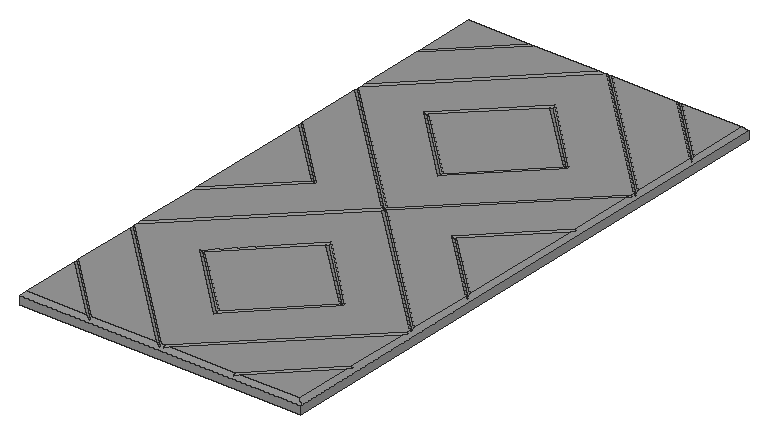
Revit family "ASKEW 2X4", category Generic Models, Revit 2016
Family settings
  Part Type = Normal
  Can host rebar = No
  Round Connector Dimension = Use Diameter
  Work Plane-Based = No
  Always vertical = Yes
  Cut with Voids When Loaded = No
  Shared = No
  Room Calculation Point = No
Parameters (values of type "STANDARD - CUSTOM PAINTED")
  URL = "https://www.acousticalsurfaces.com/envirocoustic-wood-wool/designs/"
  Thickness = 0' - 1"
  Material = "Envirocoustic Wood Wool"
  Manufacturer = "Acoustical Surfaces, Inc."
  Finish = Custom Painted
  Backer Thickness = 0' - 1"
  Backer = no
Types (9): name | Finish | Backer Thickness | Backer
  STANDARD - CUSTOM PAINTED | Custom Painted | 0' - 1" | no
  STANDARD - PRIMED WHITE | Primed White | 0' - 1" | no
  STANDARD - PRIMED CLEAR | Primed Clear | 0' - 1" | no
  2 INCH CFAB BACKER - PRIMED WHITE | Primed White | 0' - 2" | yes
  1 INCH CFAB BACKER - PRIMED WHITE | Primed White | 0' - 1" | yes
  2 INCH CFAB BACKER - PRIMED CLEAR | Primed Clear | 0' - 2" | yes
  1 INCH CFAB BACKER - PRIMED CLEAR | Primed Clear | 0' - 1" | yes
  2 INCH CFAB BACKER - CUSTOM PAINTED | Custom Painted | 0' - 2" | yes
  1 INCH CFAB BACKER - CUSTOM PAINTED | Custom Painted | 0' - 1" | yes
Reference planes (in)
  plane 1 "Center (Front/Back)": y = 0
  plane 2: z = 0
  plane 3 "Center (Left/Right)": x = 0
  plane 4: x = -12
  plane 5: x = 12
  plane 6: y = 24
  plane 7: y = -24
  plane 8: z = 1
  plane 9: z = -1
Forms (in)
  Extrusion 1, solid, material "Custom Painted" <- "Finish"
    sketch origin (0, 0, 0) x (1, 0, 0) y (0, 1, 0)
      loop
        line (12, 24) -> (-12, 24) -> (-12, -24) -> (12, -24) -> (12, 24)
    from 0 to 1
  Sweep 2, void
    path in 3D
      loop
        line (12, 24, 1) -> (-12, 24, 1) -> (-12, -24, 1) -> (12, -24, 1) -> (12, 24, 1)
    profile "Triangle : Family2" origin (12, 0, 1) x (-1, 0, 0) y (0, 0, 1)
      loop
        line (0, 0) -> (0, -0.315) -> (0.315, 0) -> (0, 0)
  Extrusion 3, solid, visible <- "Backer"
    sketch origin (0, 0, 0) x (1, 0, 0) y (0, 1, 0)
      loop
        line (12, 24) -> (-12, 24) -> (-12, -24) -> (12, -24) -> (12, 24)
    from 0 to -1
  Sweep 4, void
    path origin (0, 0, 1) x (1, 0, 0) y (0, 1, 0)
      loop
        line (6.00002, 24) -> (12.00002, 18)
    profile "Groove : Family2" origin (9.00002, 21, 1) x (0.707107, 0.707107, 0) y (0, 0, 1)
      loop
        line (-0.1575, 0) -> (0, -0.1575) -> (0.1575, 0) -> (-0.1575, 0)
  Sweep 5, void
    path origin (0, 0, 1) x (1, 0, 0) y (0, 1, 0)
      loop
        line (12, 12) -> (0, 24) -> (-12, 12) -> (12, -12) -> (0, -24) -> (-12, -12)
    profile "Groove : Family2" origin (6, 18, 1) x (-0.707107, -0.707107, 0) y (0, 0, 1)
      loop
        line (-0.1575, 0) -> (0, -0.1575) -> (0.1575, 0) -> (-0.1575, 0)
  Sweep 6, void
    path origin (0, 0, 1) x (1, 0, 0) y (0, 1, 0)
      loop
        line (-12, -12) -> (12, 12)
    profile "Groove : Family2" origin (0, 0, 1) x (-0.707107, 0.707107, 0) y (0, 0, 1)
      loop
        line (-0.1575, 0) -> (0, -0.1575) -> (0.1575, 0) -> (-0.1575, 0)
  Sweep 7, void
    path origin (0, 0, 1) x (1, 0, 0) y (0, 1, 0)
      loop
        line (0, 18) -> (-6, 12) -> (0, 6) -> (6, 12) -> (0, 18)
    profile "Groove : Family2" origin (3, 15, 1) x (0.707107, 0.707107, 0) y (0, 0, 1)
      loop
        line (-0.1575, 0) -> (0, -0.1575) -> (0.1575, 0) -> (-0.1575, 0)
  Sweep 8, void
    path origin (0, 0, 1) x (1, 0, 0) y (0, 1, 0)
      loop
        line (12, 6) -> (6, 0) -> (12, -6)
    profile "Groove : Family2" origin (9, 3, 1) x (0.707107, -0.707107, 0) y (0, 0, 1)
      loop
        line (-0.1575, 0) -> (0, -0.1575) -> (0.1575, 0) -> (-0.1575, 0)
  Sweep 9, void
    path origin (0, 0, 1) x (1, 0, 0) y (0, 1, 0)
      loop
        line (-12, 6) -> (-6, 0) -> (-12, -6)
    profile "Groove : Family2" origin (-9, 3, 1) x (0.707107, 0.707107, 0) y (0, 0, 1)
      loop
        line (-0.1575, 0) -> (0, -0.1575) -> (0.1575, 0) -> (-0.1575, 0)
  Sweep 10, void
    path origin (0, 0, 1) x (1, 0, 0) y (0, 1, 0)
      loop
        line (-6.00002, 24) -> (-12.00002, 18)
    profile "Groove : Family2" origin (-9.00002, 21, 1) x (0.707107, -0.707107, 0) y (0, 0, 1)
      loop
        line (-0.1575, 0) -> (0, -0.1575) -> (0.1575, 0) -> (-0.1575, 0)
  Sweep 11, void
    path origin (0, 0, 1) x (1, 0, 0) y (0, 1, 0)
      loop
        line (12, -18) -> (6.00002, -24)
    profile "Groove : Family2" origin (9.00001, -21, 1) x (0.707108, -0.707106, 0) y (0, 0, 1)
      loop
        line (-0.1575, 0) -> (0, -0.1575) -> (0.1575, 0) -> (-0.1575, 0)
  Sweep 12, void
    path origin (0, 0, 1) x (1, 0, 0) y (0, 1, 0)
      loop
        line (-12, -18) -> (-6.00002, -24)
    profile "Groove : Family2" origin (-9.00001, -21, 1) x (0.707108, 0.707106, 0) y (0, 0, 1)
      loop
        line (-0.1575, 0) -> (0, -0.1575) -> (0.1575, 0) -> (-0.1575, 0)
  Sweep 13, void
    path origin (0, 0, 1) x (1, 0, 0) y (0, 1, 0)
      loop
        line (6, -12) -> (0, -6) -> (-6, -12) -> (0, -18) -> (6, -12)
    profile "Groove : Family2" origin (3, -9, 1) x (-0.707107, -0.707107, 0) y (0, 0, 1)
      loop
        line (-0.1575, 0) -> (0, -0.1575) -> (0.1575, 0) -> (-0.1575, 0)
Cuts and joins
  Sweep 2, Sweep 4, Sweep 5, Sweep 6, Sweep 7, Sweep 8, Sweep 9, Sweep 10, Sweep 11, Sweep 12, Sweep 13 cuts Extrusion 1
Lines and regions (in)
  sketch lines
    curve 1: line (12, -24, 1) -> (12, 24, 1)
    curve 2: line (-12, -24, 1) -> (12, -24, 1)
    curve 3: line (-12, 24, 1) -> (-12, -24, 1)
    curve 4: line (12, 24, 1) -> (-12, 24, 1)
Dimensions and locks (in)
  equal spacing: plane 4, plane 3 "Center (Left/Right)", plane 5
  equal spacing: plane 7, plane 1 "Center (Front/Back)", plane 6
  plane 7 to plane 6 = 4' - 0"
  locked: plane 4 to plane 5 at 24
  "Thickness": plane 8 to level
  "Backer Thickness": level to plane 9
  aligned and locked: level to plane 2
  aligned and locked: Extrusion 1 sketch curve to plane 4
  aligned and locked: plane 5 to Extrusion 1 sketch curve
  aligned and locked: Extrusion 1 sketch curve to plane 6
  aligned and locked: Extrusion 1 sketch curve to plane 7
  aligned and locked: Extrusion 1 to plane 8
  aligned and locked: Extrusion 3 sketch curve to plane 4
  aligned and locked: plane 5 to Extrusion 3 sketch curve
  aligned and locked: Extrusion 3 sketch curve to plane 6
  aligned and locked: Extrusion 3 sketch curve to plane 7
  aligned and locked: plane 9 to Extrusion 3
Automatic sketch dimensions
  Sweep 5 sketch curve to Extrusion 1 = 0' - 0"  (x5)
  Sweep 5 sketch curve to Extrusion 1 = 1' - 0"  (x5)
  Extrusion 1 to Sweep 5 sketch curve = 0' - 0"
  Sweep 7 sketch curve to Extrusion 1 = 1' - 0"
  Sweep 7 sketch curve to Extrusion 1 = 0' - 6"  (x2)
  Sweep 7 sketch curve to Sweep 7 sketch curve = 0' - 6"  (x2)
  Sweep 8 sketch curve to Extrusion 1 = 0' - 0"  (x2)
  Sweep 8 sketch curve to Extrusion 1 = 0' - 6"
  Sweep 8 sketch curve to Extrusion 1 = 2' - 0"
  Sweep 8 sketch curve to Sweep 8 sketch curve = 0' - 6"
  Sweep 9 sketch curve to Extrusion 1 = 0' - 0"  (x2)
  Sweep 9 sketch curve to Extrusion 1 = 0' - 6"
  Sweep 9 sketch curve to Extrusion 1 = 2' - 0"
  Sweep 9 sketch curve to Sweep 9 sketch curve = 0' - 6"
  Sweep 13 sketch curve to Extrusion 1 = 1' - 0"
  Sweep 13 sketch curve to Sweep 13 sketch curve = 0' - 6"  (x2)
  Sweep 13 sketch curve to Extrusion 1 = 0' - 6"  (x2)
